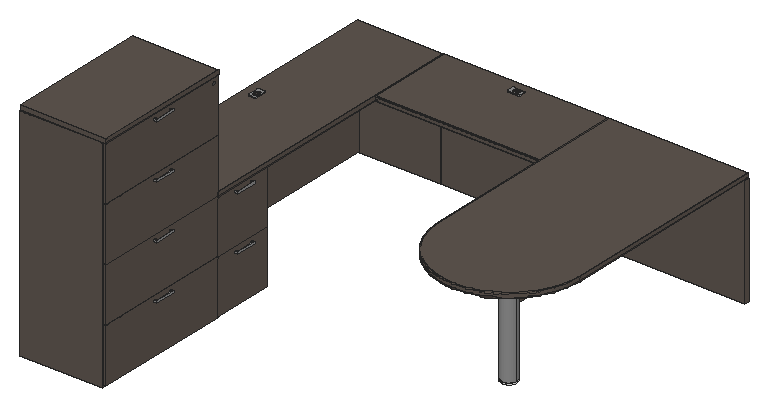
Revit family "T100054", category Casework, Revit 2018
Family settings
  OmniClass Number = 23.40.35.00
  OmniClass Title = Casework
  Work Plane-Based = No
  Always vertical = Yes
  Cut with Voids When Loaded = No
  Shared = No
  Room Calculation Point = No
Parameters
  Depth = 2' - 0"
  Height = 3' - 0"
  Width = 4' - 0"
Reference planes (in)
  plane 1: z = 0
  plane 2 "Center (Left/Right)": x = 0.7377
  plane 3 "Left": x = -23.2623
  plane 4 "Right": x = 24.7377
  plane 5 "Front": y = -24
  plane 6 "Top": z = 36
Dimensions and locks (in)
  plane 3 "Left" to plane 2 "Center (Left/Right)" to plane 4 "Right" = 2' - 0", 2' - 0"
  "Height": level to plane 6 "Top"
  aligned and locked: plane 1 to level
Nested families (in)
  nested 1: "FIRST OFFICE-PULSE_BRIDGES_W-HINGED_MODESTY" at (32.63177, 51.03178, 0), type "PULSE_BRIDGE_STRAIGHT_4-2242BR"
    with TOP D SIZE yes, THICKNESS 0' - 1.188", CENTER GROMMET yes
  nested 2: "FIRST OFFICE-PULSE_CREDENZA_SINGLE_PED_LEFT" at (-3.36642, 29.03204, 0) x (0, 1, 0) z (0, 0, 1), type "PULSE_CREDENZA_SINGLE_PED_LEFT_4-7222FCRL"
    with TOP D SIZE yes, THICKNESS 0' - 1.188", CENTER GROMMET yes
  nested 3: "FIRST OFFICE-PULSE_TOPS_BULLET_BT" at (66.30841, 29, 0) x (0, 1, 0) z (0, 0, 1), type "PULSE_TOP_BULLET_4-7236BT"
  nested 4: "FIRST OFFICE-PULSE_MODESTY_PANELS_VENEER_TMP" at (71.9877, 38.54249, 0) x (0, -1, 0) z (0, 0, 1), type "PULSE-MODESTY-PANEL-VENEER_4-1252TMP"
  nested 5: "FIRST OFFICE-PULSE_STORAGE_LATERAL_FILES_FREE_STND" at (9.75858, -24.94507, 0) x (0, 1, 0) z (0, 0, 1), type "PULSE_STORAGE_LATERAL_FILE_4-DRWR_4-3656LF4"
  nested 6: "FIRST OFFICE-PULSE_SUPPORT_BASES_CB4-L2S" at (71.6127, 8, 0), type "IMPULSE-G2_SUPPORT_BASE_MTL_CYLN_5-CB4"
  nested 7: "FIRST OFFICE-PULSE_SUPPORT_END_PANELS" at (68.6127, 64.22371, 0) x (0, -1, 0) z (0, 0, 1), type "PULSE_SUPPORT_END_PANEL_4-2936TEP"
Definition of nested family "FIRST OFFICE-PULSE_BRIDGES_W-HINGED_MODESTY"
  Parameters (values of type "PULSE_BRIDGE_STRAIGHT_4-2248BR")
    TOP D SIZE [instance] = yes
    THICKNESS [instance] = if(TOP D SIZE, 0' 1.188", 0' 1.563")  # 0' - 1.188"
    URL = "http://www.firstoffice.com/products/casegoods/pulse"
    CENTER GROMMET [instance] = yes
    ENVIRONMENTAL = "http://www.firstoffice.com/information/environment"
    BRIDGE WIDTH = 4' - 0"
    TOP CORE = none
    Manufacturer = "FIRST OFFICE-PULSE"
    MODEL NUMBER = "4-2248BR"
    MANUFACTURERS' CODE = "FOF"
    EDGE SHAPE = none
    Description = "PULSE STRAIGHT BRIDGE 22X48"
    BACK PANEL = none
    CATALOG CODE = "FOF"
  Types (3): name | BRIDGE WIDTH | MODEL NUMBER | Description
    (no name) | 4' - 0" | "4-2248BR" | "PULSE STRAIGHT BRIDGE 22X48"
    PULSE_BRIDGE_STRAIGHT_4-2242BR | 3' - 6" | "4-2242BR" | "PULSE STRAIGHT BRIDGE 22X42"
    PULSE_BRIDGE_STRAIGHT_4-2248BR | 4' - 0" | "4-2248BR" | "PULSE STRAIGHT BRIDGE 22X48"
  Reference planes (in)
    plane 1 "Center Front/Back": y = 3
    plane 2: z = 0
    plane 3 "Center Left/Right": x = 0
    plane 4 "BRIDGE TOP": z = 30
    plane 5 "UNDERSURF": z = 28.812
    plane 6 "BACK PNL BOTTOM": z = 0.5
    plane 7 "BACK PNL TOP": z = 28.687
    plane 8: x = -24
    plane 9: x = 24
    plane 10 "FRONT": y = -8
    plane 11 "BACK": y = 14
    plane 12: y = -7.875
    plane 13: y = 13
    plane 14: z = 30.07
  Forms (in)
    Extrusion 1, solid, material <- "BACK PANEL"
      sketch origin (0, 12, 0) x (-1, 0, 0) y (0, 0, 1)
        loop
          line (-24, 28.687) -> (-24, 0.5) -> (24, 0.5) -> (24, 28.687) -> (-24, 28.687)
      from 1 to 2
    Extrusion 2, solid, material <- "TOP CORE"
      sketch origin (0, 0, 30) x (0, 1, 0) y (-1, 0, 0)
        loop
          line (14, 24) -> (-7.875, 24) -> (-7.875, -24) -> (14, -24) -> (14, 24)
      from -1.188 to 0
    Extrusion 3, solid, material <- "EDGE SHAPE"
      sketch origin (0, 6.25, 0) x (0, 1, 0) y (0, 0, 1)
        loop
          line (-14.125, 28.812) -> (-14.125, 30)
          arc (-14.125, 30) -> (-14.21339, 29.96339) -> (-14.25, 29.875) r 0.125
          line (-14.25, 29.875) -> (-14.25, 28.937)
          arc (-14.25, 28.937) -> (-14.21339, 28.84861) -> (-14.125, 28.812) r 0.125
      from -24 to 24
    Extrusion 4, solid
      sketch origin (0, 0, 28.687) x (0, 1, 0) y (-1, 0, 0)
        loop
          line (13, 24) -> (13, -24) -> (13.875, -24) -> (13.875, 24) -> (13, 24)
      from 0 to 0.125
    Extrusion 5, void
      sketch origin (0, 0, 28.812) x (0, 1, 0) y (-1, 0, 0)
        loop
          line (11.5, 0.7815) -> (10.5, 0.7815) -> (10.5, -0.7815) -> (11.5, -0.7815) -> (11.5, 0.7815)
      from 0 to 1.188
    Extrusion 6, solid, visible <- "CENTER GROMMET"
      sketch origin (0, 0, 29.972) x (0, 1, 0) y (-1, 0, 0)
        loop
          arc (12, 1.25) -> (11.87186, 1.55936) -> (11.5625, 1.6875) r 0.4375
          line (11.5625, 1.6875) -> (10.4375, 1.6875)
          arc (10.4375, 1.6875) -> (10.12814, 1.55936) -> (10, 1.25) r 0.4375
          line (10, 1.25) -> (10, 0) -> (10.62004, 0) -> (10.62004, 0.4375)
          arc (10.62004, 0.4375) -> (10.69471, 0.61779) -> (10.875, 0.69246) r 0.25496
          line (10.875, 0.69246) -> (11.125, 0.69246)
          arc (11.125, 0.69246) -> (11.30529, 0.61779) -> (11.37996, 0.4375) r 0.25496
          line (11.37996, 0.4375) -> (11.37996, 0) -> (12, 0) -> (12, 1.25)
      from 0.028 to 0.098
    Sweep 7, void
      path origin (0, 0, 30) x (0, 1, 0) y (-1, 0, 0)
        loop
          line (11.37996, 0) -> (11.37996, 0.4375)
          arc (11.37996, 0.4375) -> (11.30529, 0.61779) -> (11.125, 0.69246) r 0.25496
          line (11.125, 0.69246) -> (10.875, 0.69246)
          arc (10.875, 0.69246) -> (10.69471, 0.61779) -> (10.62004, 0.4375) r 0.25496
          line (10.62004, 0.4375) -> (10.62004, 0)
      profile origin (-0.69246, 11, 30) x (1, 0, 0) y (0, 0, 1)
        loop
          arc (-0.07, 0.07) -> (-0.0205, 0.0495) -> (0, 0) r 0.07
          line (0, 0) -> (0, 0.07) -> (-0.07, 0.07)
    Extrusion 8, solid, visible <- "CENTER GROMMET"
      sketch origin (0, 0, 29.942) x (0, 1, 0) y (-1, 0, 0)
        loop
          line (12, -1.25) -> (12, 0) -> (11.37996, 0) -> (11.37996, -0.4375)
          arc (11.37996, -0.4375) -> (11.30529, -0.61779) -> (11.125, -0.69246) r 0.25496
          line (11.125, -0.69246) -> (10.875, -0.69246)
          arc (10.875, -0.69246) -> (10.69471, -0.61779) -> (10.62004, -0.4375) r 0.25496
          line (10.62004, -0.4375) -> (10.62004, 0) -> (10, 0) -> (10, -1.25)
          arc (10, -1.25) -> (10.12814, -1.55936) -> (10.4375, -1.6875) r 0.4375
          line (10.4375, -1.6875) -> (11.5625, -1.6875)
          arc (11.5625, -1.6875) -> (11.87186, -1.55936) -> (12, -1.25) r 0.4375
      from 0.058 to 0.128
    Sweep 9, void
      path origin (0, 0, 30) x (0, 1, 0) y (1, 0, 0)
        loop
          line (11.37996, 0) -> (11.37996, 0.4375)
          arc (11.37996, 0.4375) -> (11.30529, 0.61779) -> (11.125, 0.69246) r 0.25496
          line (11.125, 0.69246) -> (10.875, 0.69246)
          arc (10.875, 0.69246) -> (10.69471, 0.61779) -> (10.62004, 0.4375) r 0.25496
          line (10.62004, 0.4375) -> (10.62004, 0)
      profile origin (0.69246, 11, 30) x (1, 0, 0) y (0, 0, 1)
        loop
          line (0.07, 0.07) -> (0, 0.07) -> (0, 0)
          arc (0, 0) -> (0.0205, 0.0495) -> (0.07, 0.07) r 0.07
  Cuts and joins
    Extrusion 5 cuts Extrusion 2
    Sweep 7, Sweep 9 cuts Extrusion 6
    Sweep 9 cuts Extrusion 8
  Lines and regions (in)
    Masking region 1
      outline origin (0, 0, 0) x (1, 0, 0) y (0, 1, 0)
        loop
          line (-24, 14) -> (-24, -8) -> (24, -8) -> (24, 14) -> (-24, 14)
    Masking region 2, visible <- "CENTER GROMMET"
      outline origin (0, 0, 30) x (0, 1, 0) y (-1, 0, 0)
        loop
          arc (12, 1.25) -> (11.87186, 1.55936) -> (11.5625, 1.6875) r 0.4375
          line (11.5625, 1.6875) -> (10.4375, 1.6875)
          arc (10.4375, 1.6875) -> (10.12814, 1.55936) -> (10, 1.25) r 0.4375
          line (10, 1.25) -> (10, 0) -> (10.62004, 0) -> (10.62004, 0.4375)
          arc (10.62004, 0.4375) -> (10.69471, 0.61779) -> (10.875, 0.69246) r 0.25496
          line (10.875, 0.69246) -> (11.125, 0.69246)
          arc (11.125, 0.69246) -> (11.30529, 0.61779) -> (11.37996, 0.4375) r 0.25496
          line (11.37996, 0.4375) -> (11.37996, 0) -> (12, 0) -> (12, 1.25)
    Masking region 3, visible <- "CENTER GROMMET"
      outline origin (0, 0, 30) x (1, 0, 0) y (0, 1, 0)
        loop
          line (1.25, 12) -> (0, 12) -> (0, 11.37996) -> (0.4375, 11.37996)
          arc (0.4375, 11.37996) -> (0.61779, 11.30529) -> (0.69246, 11.125) r 0.25496
          line (0.69246, 11.125) -> (0.69246, 10.875)
          arc (0.69246, 10.875) -> (0.61779, 10.69471) -> (0.4375, 10.62004) r 0.25496
          line (0.4375, 10.62004) -> (0, 10.62004) -> (0, 10) -> (1.25, 10)
          arc (1.25, 10) -> (1.55936, 10.12814) -> (1.6875, 10.4375) r 0.4375
          line (1.6875, 10.4375) -> (1.6875, 11.5625)
          arc (1.6875, 11.5625) -> (1.55936, 11.87186) -> (1.25, 12) r 0.4375
    Masking region 4, not visible
      outline origin (0, 0, 0) x (1, 0, 0) y (0, 1, 0)
        loop
          line (-24, 14) -> (-24, -8)
          arc (-24, -8) -> (0, -3.00481) -> (24, -8) r 60.15305
          line (24, -8) -> (24, 14) -> (-24, 14)
  Dimensions and locks (in)
    equal spacing: plane 10 "FRONT", plane 1 "Center Front/Back", plane 11 "BACK", locked at 11 each
    locked: plane 10 "FRONT" to plane 12 at 0.125
    locked: plane 11 "BACK" to plane 13 at 1
    locked: Extrusion 1 to Extrusion 4 sketch curve at 0.875
    "BRIDGE WIDTH": plane 8 to plane 9
    equal spacing: plane 8, plane 3 "Center Left/Right", plane 9
    "THICKNESS": plane 4 "BRIDGE TOP" to plane 5 "UNDERSURF"
    plane 5 "UNDERSURF" to plane 7 "BACK PNL TOP" to plane 6 "BACK PNL BOTTOM" to plane 2 = 0' - 0 1/8" locked, 2' - 4.187" locked, 0' - 0 1/2" locked
    locked: plane 14 to plane 4 "BRIDGE TOP" at 0.07
    aligned and locked: Extrusion 2 to plane 5 "UNDERSURF"
    aligned and locked: plane 4 "BRIDGE TOP" to Extrusion 2
    aligned and locked: plane 12 to Extrusion 2 sketch curve
    aligned and locked: Extrusion 2 sketch curve to plane 9
    aligned and locked: Extrusion 2 sketch curve to plane 8
    aligned and locked: plane 12 to Extrusion 3 sketch curve
    aligned and locked: Extrusion 3 sketch curve to plane 10 "FRONT"
    aligned and locked: Extrusion 3 to plane 8
    aligned and locked: Extrusion 3 to plane 9
    aligned and locked: plane 7 "BACK PNL TOP" to Extrusion 1 sketch curve
    aligned and locked: Extrusion 1 sketch curve to plane 8
    aligned and locked: Extrusion 1 sketch curve to plane 9
    aligned and locked: plane 11 "BACK" to Extrusion 1
    aligned and locked: Extrusion 1 to plane 13
    aligned and locked: Extrusion 4 sketch curve to plane 8
    aligned and locked: Extrusion 4 sketch curve to plane 9
    aligned and locked: Extrusion 4 sketch curve to plane 13
    aligned and locked: Extrusion 6 to Sweep 7
    aligned and locked: Extrusion 8 to Sweep 7
    aligned and locked: cut or joined group of Extrusion 6, Sweep 7, Sweep 9 to plane 4 "BRIDGE TOP"
    aligned and locked: Extrusion 8 to plane 4 "BRIDGE TOP"
    aligned and locked: plane 14 to cut or joined group of Extrusion 6, Sweep 7, Sweep 9
  Automatic sketch dimensions
    Extrusion 1 sketch curve to plane 6 "BACK PNL BOTTOM" = 0' - 0"
    Extrusion 2 sketch curve to plane 11 "BACK" = 0' - 0"
    Extrusion 3 sketch curve to plane 5 "UNDERSURF" = 0' - 0"
    Extrusion 3 sketch curve to plane 4 "BRIDGE TOP" = 0' - 0"
    Extrusion 5 sketch curve to plane 3 "Center Left/Right" = 0' - 0.7815"
    Extrusion 5 sketch curve to plane 13 = 0' - 2 1/2"
    Extrusion 5 sketch curve to Extrusion 5 sketch curve = 0' - 1"
    plane 3 "Center Left/Right" to Extrusion 5 sketch curve = 0' - 0.7815"
    Extrusion 6 sketch curve to plane 3 "Center Left/Right" = 0' - 1 1/4"
    Extrusion 6 sketch curve to plane 13 = 0' - 3"
    Extrusion 6 sketch curve to Extrusion 6 sketch curve = 0' - 0 7/16"  (x2)
    Extrusion 6 sketch curve to Extrusion 6 sketch curve = 0' - 0.62004"  (x2)
    Extrusion 6 sketch curve to Extrusion 6 sketch curve = 0' - 0.25496"  (x2)
    Extrusion 6 sketch curve to Extrusion 6 sketch curve = 0' - 0 1/4"
    Extrusion 6 sketch curve to plane 3 "Center Left/Right" = 0' - 0"  (x2)
    Extrusion 6 sketch curve to plane 3 "Center Left/Right" = 0' - 0 7/16"
    Sweep 7 sketch curve to plane 3 "Center Left/Right" = 0' - 0 7/16"
    Sweep 7 sketch curve to plane 13 = 0' - 2.37996"
    Sweep 7 sketch curve to Sweep 7 sketch curve = 0' - 0.25496"  (x2)
    Sweep 7 sketch curve to Sweep 7 sketch curve = 0' - 0 1/4"
    Sweep 7 sketch curve to plane 3 "Center Left/Right" = 0' - 0"  (x2)
    profile plane to Sweep 7 sketch curve = 0' - 0"
    profile plane to Sweep 7 sketch curve = 0' - 0.07"
    plane 4 "BRIDGE TOP" to Sweep 7 sketch curve = 0' - 0"
    plane 3 "Center Left/Right" to Extrusion 8 sketch curve = 0' - 1 1/4"
    Extrusion 8 sketch curve to plane 13 = 0' - 3"
    Extrusion 8 sketch curve to Extrusion 8 sketch curve = 0' - 0 7/16"  (x2)
    Extrusion 8 sketch curve to Extrusion 8 sketch curve = 0' - 0.62004"  (x2)
    Extrusion 8 sketch curve to Extrusion 8 sketch curve = 0' - 0.25496"  (x2)
    Extrusion 8 sketch curve to Extrusion 8 sketch curve = 0' - 0 1/4"
    plane 3 "Center Left/Right" to Extrusion 8 sketch curve = 0' - 0"  (x2)
    plane 3 "Center Left/Right" to Extrusion 8 sketch curve = 0' - 0.69246"
    Sweep 9 sketch curve to plane 3 "Center Left/Right" = 0' - 0 7/16"
    plane 13 to Sweep 9 sketch curve = 0' - 2.37996"
    Sweep 9 sketch curve to Sweep 9 sketch curve = 0' - 0.25496"  (x2)
    Sweep 9 sketch curve to Sweep 9 sketch curve = 0' - 0 1/4"
    Sweep 9 sketch curve to plane 3 "Center Left/Right" = 0' - 0"  (x2)
    profile plane to Sweep 9 sketch curve = 0' - 0"
    plane 4 "BRIDGE TOP" to Sweep 9 sketch curve = 0' - 0"
    Sweep 9 sketch curve to Sweep 9 sketch curve = 0' - 0.07"
    Masking region 2 sketch curve to plane 13 = 0' - 3"
    Masking region 2 sketch curve to Masking region 2 sketch curve = 0' - 0 7/16"  (x2)
    Masking region 2 sketch curve to plane 3 "Center Left/Right" = 0' - 0"  (x2)
    Masking region 2 sketch curve to Masking region 2 sketch curve = 0' - 0.62004"  (x2)
    Masking region 2 sketch curve to Masking region 2 sketch curve = 0' - 0.25496"  (x2)
    Masking region 2 sketch curve to Masking region 2 sketch curve = 0' - 0 1/4"
    Masking region 2 sketch curve to plane 3 "Center Left/Right" = 0' - 0 7/16"
    Masking region 2 sketch curve to Masking region 2 sketch curve = 0' - 0 13/16"
    plane 3 "Center Left/Right" to Masking region 3 sketch curve = 0' - 0"  (x2)
    plane 3 "Center Left/Right" to Masking region 3 sketch curve = 0' - 0 7/16"
    Masking region 3 sketch curve to Masking region 3 sketch curve = 0' - 0"
    Masking region 3 sketch curve to Masking region 3 sketch curve = 0' - 0.25496"
    Masking region 3 sketch curve to Masking region 3 sketch curve = 0' - 0 13/16"
    Masking region 3 sketch curve to Masking region 3 sketch curve = 0' - 0.55754"
    Masking region 3 sketch curve to Masking region 3 sketch curve = 0' - 0 7/16"  (x2)
    Masking region 3 sketch curve to plane 13 = 0' - 3"
    Masking region 3 sketch curve to Masking region 3 sketch curve = 0' - 0.62004"
    Masking region 3 sketch curve to Masking region 3 sketch curve = 0' - 0 1/4"
    Masking region 1 sketch curve to plane 8 = 0' - 0"
    Masking region 1 sketch curve to plane 9 = 0' - 0"
    plane 10 "FRONT" to Masking region 1 sketch curve = 0' - 0"
    Masking region 1 sketch curve to plane 11 "BACK" = 0' - 0"
    Masking region 4 sketch curve to plane 8 = 0' - 0"
    Masking region 4 sketch curve to plane 3 "Center Left/Right" = 0' - 0"
    Masking region 4 sketch curve to plane 9 = 0' - 0"
    plane 10 "FRONT" to Masking region 4 sketch curve = 0' - 0"
    Masking region 4 sketch curve to plane 11 "BACK" = 0' - 0"
    plane 10 "FRONT" to Masking region 4 sketch curve = 4' - 7.15786"
Definition of nested family "FIRST OFFICE-PULSE_CREDENZA_SINGLE_PED_LEFT"
  Parameters (values of type "PULSE_CREDENZA_SINGLE_PED_LEFT_4-7222FCRL")
    URL = "http://www.firstoffice.com/products/casegoods/pulse"
    TOP D SIZE [instance] = yes
    THICKNESS [instance] = if(TOP D SIZE, 0' 1.188", 0' 1.563")  # 0' - 1.188"
    PEDESTAL HEIGHT = 2' - 4.187"
    DRAWER FRONT = none
    ENVIRONMENTAL = "http://www.firstoffice.com/information/environment"
    TOP CORE = none
    Manufacturer = "FIRST OFFICE-PULSE"
    MODEL NUMBER = "4-7222FCRL"
    MANUFACTURERS' CODE = "FOF"
    EDGE SHAPE = none
    Description = "PULSE SINGLE PED CREDENZA LEFT FULL 72X22"
    CREDENZA WIDTH = 6' - 0"
    CHASSIS = none
    CENTER GROMMET [instance] = yes
    CATALOG CODE = "FOF"
  Types (6): name | PEDESTAL HEIGHT | MODEL NUMBER | Description | CREDENZA WIDTH
    (no name) | 2' - 4.187" | "4-7222FCRL" | "PULSE SINGLE PED CREDENZA LEFT FULL 72X22" | 6' - 0"
    PULSE_CREDENZA_SINGLE_PED_LEFT_4-6022FCRL | 2' - 4.187" | "4-6022FCRL" | "PULSE SINGLE PED CREDENZA LEFT FULL 60X22" | 5' - 0"
    PULSE_CREDENZA_SINGLE_PED_LEFT_4-6622FCRL | 2' - 4.187" | "4-6622FCRL" | "PULSE SINGLE PED CREDENZA LEFT FULL 66X22" | 5' - 6"
    PULSE_CREDENZA_SINGLE_PED_LEFT_4-7222FCRL | 2' - 4.187" | "4-7222FCRL" | "PULSE SINGLE PED CREDENZA LEFT FULL 72X22" | 6' - 0"
    PULSE_CREDENZA_SINGLE_PED_LEFT_4-6622CRL | 1' - 9 1/4" | "4-6622CRL" | "PULSE SINGLE 3/4 PED CREDENZA LEFT 66X22" | 5' - 6"
    PULSE_CREDENZA_SINGLE_PED_LEFT_4-7222CRL | 1' - 9 1/4" | "4-7222CRL" | "PULSE SINGLE 3/4 PED CREDENZA LEFT 72X22" | 6' - 0"
  Reference planes (in)
    plane 1 "Center Front/Back": y = -4
    plane 2: z = 0
    plane 3 "Center Left/Right": x = 0
    plane 4 "LEFT": x = -36
    plane 5 "RIGHT": x = 36
    plane 6 "DESK TOP": z = 30
    plane 7 "BASE HEIGHT": z = 28.812
    plane 8 "FRONT": y = -15
    plane 9 "PEDESTAL BOTTOM": z = 0.5
    plane 10 "PEDESTAL TOP": z = 28.687
    plane 11: z = 1.063
    plane 12 "PEDESTAL FRONT": y = -14
    plane 13 "DRAWER FRONT": y = -14.75
    plane 14: z = 14.813
    plane 15: z = 14.938
    plane 16: x = -35.937
    plane 17: x = -20.187
    plane 18: x = -20.124
    plane 19: x = -34.937
    plane 20: x = -20.874
    plane 21: x = 35
    plane 22: z = 1.25
    plane 23 "MODESTY PANEL": y = 7
    plane 24: y = 5.95
    plane 25: y = 6.7
    plane 26: z = 14.063
    plane 27: z = 13.59425
    plane 28: z = 30.07
  Forms (in)
    Extrusion 1, solid, material <- "DRAWER FRONT"
      sketch origin (0, -14.75, 0) x (1, 0, 0) y (0, 0, 1)
        loop
          line (-35.937, 14.813) -> (-35.937, 1.063) -> (-20.187, 1.063) -> (-20.187, 14.813) -> (-35.937, 14.813)
      from -0.75 to 0
    Extrusion 2, solid
      sketch origin (0, -14.75, 0) x (1, 0, 0) y (0, 0, 1)
        loop
          line (-35.937, 28.687) -> (-35.937, 14.938) -> (-20.187, 14.938) -> (-20.187, 28.687) -> (-35.937, 28.687)
      from -0.75 to 0
    Extrusion 3, solid, material <- "CHASSIS"
      sketch origin (-36, 0, 0) x (0, 1, 0) y (0, 0, 1)
        loop
          line (-14, 28.687) -> (-14, 0.499) -> (7, 0.499) -> (7, 28.687) -> (-14, 28.687)
      from 0 to 1.063
    Extrusion 4, solid, material <- "CHASSIS"
      sketch origin (36, 0, 0) x (0, 1, 0) y (0, 0, -1)
        loop
          line (-15, -28.687) -> (7, -28.687) -> (7, -0.499) -> (-15, -0.499) -> (-15, -28.687)
      from 0 to 1
    Extrusion 5, solid, material <- "CHASSIS"
      sketch origin (-15, 0, 0) x (0, 1, 0) y (0, 0, -1)
        loop
          line (-14, -28.812) -> (5.95, -28.812) -> (5.95, -0.5) -> (-14, -0.5) -> (-14, -28.812)
      from 5.124 to 5.874
    Extrusion 6, solid, material <- "CHASSIS"
      sketch origin (0, 7, 0) x (-1, 0, 0) y (0, 0, 1)
        loop
          line (-35, 28.812) -> (-35, 0.499) -> (34.937, 0.499) -> (34.937, 28.812) -> (-35, 28.812)
      from -1.05 to -0.3
    Extrusion 7, solid, material <- "CHASSIS"
      sketch origin (0, 0, 0.5) x (0, 1, 0) y (-1, 0, 0)
        loop
          line (5.95, 20.874) -> (5.95, 34.937) -> (-14, 34.937) -> (-14, 20.874) -> (5.95, 20.874)
      from 0 to 0.75
    Extrusion 8, solid, material <- "TOP CORE"
      sketch origin (0, 0, 30) x (0, 1, 0) y (-1, 0, 0)
        loop
          line (7, 36) -> (-14.875, 36) -> (-14.875, -36) -> (7, -36) -> (7, 36)
      from -1.188 to 0
    Extrusion 9, solid, material <- "EDGE SHAPE"
      sketch origin (0, 0, 0) x (0, 1, 0) y (0, 0, 1)
        loop
          line (-14.875, 28.812) -> (-14.875, 30)
          arc (-14.875, 30) -> (-14.96339, 29.96339) -> (-15, 29.875) r 0.125
          line (-15, 29.875) -> (-15, 28.937)
          arc (-15, 28.937) -> (-14.96339, 28.84861) -> (-14.875, 28.812) r 0.125
      from -36 to 36
    Extrusion 10, solid
      sketch origin (-19.03911, -15.37535, 22.938) x (1, 0, 0) y (0, 1, 0)
        loop
          line (-11.74164, 0.62535) -> (-11.74164, -0.37465) -> (-6.30414, -0.37465) -> (-6.30414, 0.62535) -> (-6.67914, 0.62535) -> (-6.67914, -0.18715) -> (-11.36664, -0.18715) -> (-11.36664, 0.62535) -> (-11.74164, 0.62535)
      from 4.53125 to 5
    Extrusion 11, solid
      sketch origin (-19.03911, -15.37535, 16) x (1, 0, 0) y (0, 1, 0)
        loop
          line (-11.74164, 0.62535) -> (-11.74164, -0.37465) -> (-6.30414, -0.37465) -> (-6.30414, 0.62535) -> (-6.67914, 0.62535) -> (-6.67914, -0.18715) -> (-11.36664, -0.18715) -> (-11.36664, 0.62535) -> (-11.74164, 0.62535)
      from -2.40575 to -1.937
    Extrusion 12, solid
      sketch origin (0, 0, 28.687) x (0, 1, 0) y (-1, 0, 0)
        loop
          line (6.875, 34.937) -> (6.875, 35.875) -> (-14, 35.875) -> (-14, 34.937) -> (6.875, 34.937)
      from 0 to 0.125
    Extrusion 13, solid
      sketch origin (0, 0, 28.687) x (0, 1, 0) y (-1, 0, 0)
        loop
          line (6.875, -35) -> (-14.875, -35) -> (-14.875, -35.875) -> (6.875, -35.875) -> (6.875, -35)
      from 0 to 0.125
    Extrusion 14, solid, visible <- "CENTER GROMMET"
      sketch origin (0, -7, 29.972) x (0, 1, 0) y (-1, 0, 0)
        loop
          arc (12, 1.25) -> (11.87186, 1.55936) -> (11.5625, 1.6875) r 0.4375
          line (11.5625, 1.6875) -> (10.4375, 1.6875)
          arc (10.4375, 1.6875) -> (10.12814, 1.55936) -> (10, 1.25) r 0.4375
          line (10, 1.25) -> (10, 0) -> (10.62004, 0) -> (10.62004, 0.4375)
          arc (10.62004, 0.4375) -> (10.69471, 0.61779) -> (10.875, 0.69246) r 0.25496
          line (10.875, 0.69246) -> (11.125, 0.69246)
          arc (11.125, 0.69246) -> (11.30529, 0.61779) -> (11.37996, 0.4375) r 0.25496
          line (11.37996, 0.4375) -> (11.37996, 0) -> (12, 0) -> (12, 1.25)
      from 0.028 to 0.098
    Sweep 15, void
      path origin (0, -7, 30) x (0, 1, 0) y (-1, 0, 0)
        loop
          line (11.37996, 0) -> (11.37996, 0.4375)
          arc (11.37996, 0.4375) -> (11.30529, 0.61779) -> (11.125, 0.69246) r 0.25496
          line (11.125, 0.69246) -> (10.875, 0.69246)
          arc (10.875, 0.69246) -> (10.69471, 0.61779) -> (10.62004, 0.4375) r 0.25496
          line (10.62004, 0.4375) -> (10.62004, 0)
      profile origin (-0.69246, 4, 30) x (1, 0, 0) y (0, 0, 1)
        loop
          arc (-0.07, 0.07) -> (-0.0205, 0.0495) -> (0, 0) r 0.07
          line (0, 0) -> (0, 0.07) -> (-0.07, 0.07)
    Extrusion 16, solid, visible <- "CENTER GROMMET"
      sketch origin (0, -7, 29.942) x (0, 1, 0) y (-1, 0, 0)
        loop
          line (12, -1.25) -> (12, 0) -> (11.37996, 0) -> (11.37996, -0.4375)
          arc (11.37996, -0.4375) -> (11.30529, -0.61779) -> (11.125, -0.69246) r 0.25496
          line (11.125, -0.69246) -> (10.875, -0.69246)
          arc (10.875, -0.69246) -> (10.69471, -0.61779) -> (10.62004, -0.4375) r 0.25496
          line (10.62004, -0.4375) -> (10.62004, 0) -> (10, 0) -> (10, -1.25)
          arc (10, -1.25) -> (10.12814, -1.55936) -> (10.4375, -1.6875) r 0.4375
          line (10.4375, -1.6875) -> (11.5625, -1.6875)
          arc (11.5625, -1.6875) -> (11.87186, -1.55936) -> (12, -1.25) r 0.4375
      from 0.058 to 0.128
    Sweep 17, void
      path origin (0, -7, 30) x (0, 1, 0) y (1, 0, 0)
        loop
          line (11.37996, 0) -> (11.37996, 0.4375)
          arc (11.37996, 0.4375) -> (11.30529, 0.61779) -> (11.125, 0.69246) r 0.25496
          line (11.125, 0.69246) -> (10.875, 0.69246)
          arc (10.875, 0.69246) -> (10.69471, 0.61779) -> (10.62004, 0.4375) r 0.25496
          line (10.62004, 0.4375) -> (10.62004, 0)
      profile origin (0.69247, 4, 30) x (1, 0, 0) y (0, 0, 1)
        loop
          line (0.07, 0.07) -> (0, 0.07) -> (0, 0)
          arc (0, 0) -> (0.0205, 0.0495) -> (0.07, 0.07) r 0.07
    Extrusion 18, void
      sketch origin (0, 0, 30) x (0, 1, 0) y (-1, 0, 0)
        loop
          line (3.5, 0.75) -> (3.5, -0.75) -> (4.5, -0.75) -> (4.5, 0.75) -> (3.5, 0.75)
      from -1.188 to 0
  Cuts and joins
    Sweep 15, Extrusion 18 cuts Extrusion 14
    Sweep 15, Sweep 17, Extrusion 18 cuts Extrusion 16
    Extrusion 18 cuts Extrusion 8
  Lines and regions (in)
    Masking region 1
      outline origin (0, 0, 0) x (1, 0, 0) y (0, 1, 0)
        loop
          line (-36, 7) -> (-36, -15) -> (36, -15) -> (36, 7) -> (-36, 7)
    Masking region 2
      outline origin (0, 0, 0) x (1, 0, 0) y (0, 1, 0)
        loop
          line (-30.78075, -15) -> (-30.78075, -15.75) -> (-25.34325, -15.75) -> (-25.34325, -15) -> (-25.71825, -15) -> (-25.71825, -15.5625) -> (-30.40575, -15.5625) -> (-30.40575, -15) -> (-30.78075, -15)
    Masking region 3, visible <- "CENTER GROMMET"
      outline origin (0, -7, 30) x (0, 1, 0) y (-1, 0, 0)
        loop
          arc (12, 1.25) -> (11.87186, 1.55936) -> (11.5625, 1.6875) r 0.4375
          line (11.5625, 1.6875) -> (10.4375, 1.6875)
          arc (10.4375, 1.6875) -> (10.12814, 1.55936) -> (10, 1.25) r 0.4375
          line (10, 1.25) -> (10, 0) -> (10.62004, 0) -> (10.62004, 0.4375)
          arc (10.62004, 0.4375) -> (10.69471, 0.61779) -> (10.875, 0.69246) r 0.25496
          line (10.875, 0.69246) -> (11.125, 0.69246)
          arc (11.125, 0.69246) -> (11.30529, 0.61779) -> (11.37996, 0.4375) r 0.25496
          line (11.37996, 0.4375) -> (11.37996, 0) -> (12, 0) -> (12, 1.25)
    Masking region 4, visible <- "CENTER GROMMET"
      outline origin (0, -7, 30) x (1, 0, 0) y (0, 1, 0)
        loop
          line (1.25, 12) -> (0, 12) -> (0, 11.37996) -> (0.4375, 11.37996)
          arc (0.4375, 11.37996) -> (0.61779, 11.30529) -> (0.69246, 11.125) r 0.25496
          line (0.69246, 11.125) -> (0.69246, 10.875)
          arc (0.69246, 10.875) -> (0.61779, 10.69471) -> (0.4375, 10.62004) r 0.25496
          line (0.4375, 10.62004) -> (0, 10.62004) -> (0, 10) -> (1.25, 10)
          arc (1.25, 10) -> (1.55936, 10.12814) -> (1.6875, 10.4375) r 0.4375
          line (1.6875, 10.4375) -> (1.6875, 11.5625)
          arc (1.6875, 11.5625) -> (1.55936, 11.87186) -> (1.25, 12) r 0.4375
  Dimensions and locks (in)
    equal spacing: plane 4 "LEFT", plane 3 "Center Left/Right", plane 5 "RIGHT"
    "CREDENZA WIDTH": plane 4 "LEFT" to plane 5 "RIGHT"
    plane 15 to plane 14 to plane 11 = 0' - 0 1/8" locked, 1' - 1 3/4" locked
    plane 22 to plane 11 to plane 9 "PEDESTAL BOTTOM" = 0' - 0.187" locked, 0' - 0.563" locked
    locked: Extrusion 4 to Extrusion 3 sketch curve at 28.188
    locked: Extrusion 6 sketch curve to Extrusion 8 at 28.313
    "PEDESTAL HEIGHT": plane 10 "PEDESTAL TOP" to plane 9 "PEDESTAL BOTTOM"
    plane 23 "MODESTY PANEL" to plane 25 to plane 24 = 0' - 0.3" locked, 0' - 0 3/4" locked
    locked: plane 8 "FRONT" to plane 23 "MODESTY PANEL" at 22
    equal spacing: plane 23 "MODESTY PANEL", plane 1 "Center Front/Back", plane 8 "FRONT"
    plane 4 "LEFT" to plane 16 to plane 19 to plane 20 to plane 17 to plane 18 = 0' - 0.063" locked, 0' - 1" locked, 1' - 2.063" locked, 0' - 0.687" locked, 0' - 0.063" locked
    locked: plane 21 to plane 5 "RIGHT" at 1
    plane 14 to plane 26 to plane 27 = 0' - 0 3/4" locked, 0' - 0 15/32" locked
    plane 7 "BASE HEIGHT" to plane 10 "PEDESTAL TOP" to plane 2 = 0' - 0 1/8" locked, 2' - 4.687" locked
    locked: plane 28 to plane 6 "DESK TOP" at 0.07
    "THICKNESS": plane 6 "DESK TOP" to plane 7 "BASE HEIGHT"
    aligned and locked: plane 16 to Extrusion 1 sketch curve
    aligned and locked: Extrusion 1 sketch curve to plane 14
    aligned and locked: plane 11 to Extrusion 1 sketch curve
    aligned and locked: Extrusion 1 sketch curve to plane 17
    aligned and locked: plane 17 to Extrusion 2 sketch curve
    aligned and locked: plane 10 "PEDESTAL TOP" to Extrusion 2 sketch curve
    aligned: Extrusion 2 to plane 12 "PEDESTAL FRONT"
    aligned: plane 13 "DRAWER FRONT" to Extrusion 2
    aligned and locked: Extrusion 1 to plane 12 "PEDESTAL FRONT"
    aligned and locked: plane 13 "DRAWER FRONT" to Extrusion 1
    aligned and locked: plane 10 "PEDESTAL TOP" to Extrusion 3 sketch curve
    aligned and locked: plane 12 "PEDESTAL FRONT" to Extrusion 3 sketch curve
    aligned: Extrusion 3 to plane 4 "LEFT"
    aligned: plane 19 to Extrusion 3
    aligned and locked: plane 5 "RIGHT" to Extrusion 4
    aligned and locked: plane 21 to Extrusion 4
    aligned and locked: Extrusion 5 to plane 20
    aligned and locked: plane 18 to Extrusion 5
    aligned: Extrusion 4 to plane 9 "PEDESTAL BOTTOM"
    aligned and locked: Extrusion 5 to plane 9 "PEDESTAL BOTTOM"
    aligned and locked: plane 7 "BASE HEIGHT" to Extrusion 5
    aligned and locked: plane 7 "BASE HEIGHT" to Extrusion 6 sketch curve
    aligned and locked: Extrusion 6 sketch curve to plane 21
    aligned and locked: Extrusion 6 sketch curve to plane 19
    aligned: Extrusion 6 to plane 24
    aligned: plane 23 "MODESTY PANEL" to Extrusion 6
    aligned and locked: plane 24 to Extrusion 5
    aligned and locked: Extrusion 7 sketch curve to plane 19
    aligned and locked: plane 24 to Extrusion 7 sketch curve
    aligned and locked: plane 20 to Extrusion 7 sketch curve
    aligned and locked: plane 12 "PEDESTAL FRONT" to Extrusion 7 sketch curve
    aligned and locked: Extrusion 7 to plane 9 "PEDESTAL BOTTOM"
    aligned and locked: plane 22 to Extrusion 7
    aligned and locked: Extrusion 8 to plane 7 "BASE HEIGHT"
    aligned and locked: plane 6 "DESK TOP" to Extrusion 8
    aligned and locked: Extrusion 9 sketch curve to plane 8 "FRONT"
    aligned and locked: Extrusion 9 to plane 4 "LEFT"
    aligned and locked: plane 5 "RIGHT" to Extrusion 9
    aligned and locked: Extrusion 12 to plane 10 "PEDESTAL TOP"
    aligned and locked: plane 7 "BASE HEIGHT" to Extrusion 12
    aligned and locked: level to plane 2
    aligned and locked: Extrusion 6 to Extrusion 4
    aligned and locked: Extrusion 2 sketch curve to plane 15
    aligned and locked: Masking region 1 sketch curve to plane 23 "MODESTY PANEL"
    aligned and locked: plane 23 "MODESTY PANEL" to Extrusion 3
    aligned and locked: Extrusion 8 sketch curve to Masking region 1
    aligned and locked: plane 23 "MODESTY PANEL" to Extrusion 4
    aligned and locked: plane 25 to Extrusion 6
    aligned and locked: Extrusion 6 to plane 24
    aligned and locked: Extrusion 14 to Sweep 15
    aligned and locked: Extrusion 16 to Sweep 15
    aligned and locked: plane 6 "DESK TOP" to cut or joined group of Extrusion 8, Extrusion 18
    aligned and locked: cut or joined group of Extrusion 8, Extrusion 18 to plane 7 "BASE HEIGHT"
    aligned and locked: plane 8 "FRONT" to Extrusion 4
    aligned and locked: cut or joined group of Extrusion 8, Extrusion 18 to Extrusion 13
    aligned and locked: plane 26 to Extrusion 11
    aligned and locked: plane 27 to Extrusion 11
    aligned and locked: plane 28 to cut or joined group of Extrusion 14, Sweep 15, Extrusion 18
    aligned and locked: Sweep 15 sketch curve to plane 28
    aligned and locked: plane 6 "DESK TOP" to Sweep 15 sketch curve
    aligned and locked: plane 28 to Sweep 17 sketch curve
    aligned and locked: plane 6 "DESK TOP" to Sweep 17 sketch curve
    aligned and locked: cut or joined group of Extrusion 14, Sweep 15, Extrusion 18 to plane 6 "DESK TOP"
    aligned and locked: cut or joined group of Sweep 15, Extrusion 16, Sweep 17, Extrusion 18 to plane 6 "DESK TOP"
  Automatic sketch dimensions
    Extrusion 2 sketch curve to plane 16 = 0' - 0"
    plane 8 "FRONT" to Masking region 2 sketch curve = 0' - 0"  (x2)
    plane 19 to Masking region 2 sketch curve = 0' - 4 5/32"
    Masking region 2 sketch curve to Masking region 2 sketch curve = 0' - 0 3/8"  (x2)
    plane 8 "FRONT" to Masking region 2 sketch curve = 0' - 0 9/16"
    Masking region 2 sketch curve to Masking region 2 sketch curve = 0' - 4 11/16"
    Masking region 2 sketch curve to Masking region 2 sketch curve = 0' - 0 3/16"
    Extrusion 3 sketch curve to plane 23 "MODESTY PANEL" = 0' - 0"
    Extrusion 4 sketch curve to plane 10 "PEDESTAL TOP" = 0' - 0"
    plane 12 "PEDESTAL FRONT" to Extrusion 4 sketch curve = 0' - 1"
    Extrusion 4 sketch curve to plane 23 "MODESTY PANEL" = 0' - 0"
    level to Extrusion 4 sketch curve = 0' - 0.499"
    Extrusion 5 sketch curve to plane 7 "BASE HEIGHT" = 0' - 0"
    Extrusion 5 sketch curve to plane 12 "PEDESTAL FRONT" = 0' - 0"
    Extrusion 5 sketch curve to plane 9 "PEDESTAL BOTTOM" = 0' - 0"
    Extrusion 5 sketch curve to plane 24 = 0' - 0"
    Extrusion 8 sketch curve to plane 4 "LEFT" = 0' - 0"
    Extrusion 8 sketch curve to plane 5 "RIGHT" = 0' - 0"
    Extrusion 8 sketch curve to plane 8 "FRONT" = 0' - 0 1/8"
    Extrusion 9 sketch curve to plane 6 "DESK TOP" = 0' - 0"
    Extrusion 9 sketch curve to plane 7 "BASE HEIGHT" = 0' - 0"
    Extrusion 9 sketch curve to plane 8 "FRONT" = 0' - 0 1/8"
    plane 13 "DRAWER FRONT" to Extrusion 10 sketch curve = 0' - 0"  (x2)
    plane 19 to Extrusion 10 sketch curve = 0' - 4 5/32"
    Extrusion 10 sketch curve to Extrusion 10 sketch curve = 0' - 0 3/8"  (x2)
    plane 8 "FRONT" to Extrusion 10 sketch curve = 0' - 0 9/16"
    Extrusion 10 sketch curve to Extrusion 10 sketch curve = 0' - 4 11/16"
    Extrusion 10 sketch curve to Extrusion 10 sketch curve = 0' - 0 3/16"
    plane 13 "DRAWER FRONT" to Extrusion 11 sketch curve = 0' - 0"  (x2)
    plane 19 to Extrusion 11 sketch curve = 0' - 4 5/32"
    Extrusion 11 sketch curve to Extrusion 11 sketch curve = 0' - 0 3/8"  (x2)
    plane 8 "FRONT" to Extrusion 11 sketch curve = 0' - 0 9/16"
    Extrusion 11 sketch curve to Extrusion 11 sketch curve = 0' - 4 11/16"
    Extrusion 11 sketch curve to Extrusion 11 sketch curve = 0' - 0 3/16"
    Masking region 1 sketch curve to plane 4 "LEFT" = 0' - 0"
    Masking region 1 sketch curve to plane 5 "RIGHT" = 0' - 0"
    plane 8 "FRONT" to Masking region 1 sketch curve = 0' - 0"
    plane 12 "PEDESTAL FRONT" to Extrusion 12 sketch curve = 0' - 0"
    Extrusion 12 sketch curve to plane 19 = 0' - 0"
    plane 16 to Extrusion 12 sketch curve = 0' - 0.062"
    Extrusion 12 sketch curve to plane 23 "MODESTY PANEL" = 0' - 0 1/8"
    Extrusion 13 sketch curve to plane 12 "PEDESTAL FRONT" = 0' - 0 7/8"
    Extrusion 13 sketch curve to plane 21 = 0' - 0"
    plane 23 "MODESTY PANEL" to Extrusion 13 sketch curve = 0' - 0 1/8"
    Extrusion 14 sketch curve to plane 3 "Center Left/Right" = 0' - 1 1/4"
    Extrusion 14 sketch curve to plane 1 "Center Front/Back" = 0' - 7"
    Extrusion 14 sketch curve to Extrusion 14 sketch curve = 0' - 0 7/16"  (x3)
    Extrusion 14 sketch curve to Extrusion 14 sketch curve = 0' - 0.62004"  (x2)
    Extrusion 14 sketch curve to Extrusion 14 sketch curve = 0' - 0.25496"  (x2)
    Extrusion 14 sketch curve to Extrusion 14 sketch curve = 0' - 0 1/4"
    Extrusion 14 sketch curve to plane 3 "Center Left/Right" = 0' - 0"  (x2)
    Sweep 15 sketch curve to plane 3 "Center Left/Right" = 0' - 0 7/16"
    Sweep 15 sketch curve to plane 1 "Center Front/Back" = 0' - 7.62004"
    Sweep 15 sketch curve to Sweep 15 sketch curve = 0' - 0.25496"  (x2)
    Sweep 15 sketch curve to Sweep 15 sketch curve = 0' - 0 1/4"
    Sweep 15 sketch curve to plane 3 "Center Left/Right" = 0' - 0"  (x2)
    profile plane to Sweep 15 sketch curve = 0' - 0"
    plane 3 "Center Left/Right" to Extrusion 16 sketch curve = 0' - 1 1/4"
    Extrusion 16 sketch curve to plane 1 "Center Front/Back" = 0' - 7"
    Extrusion 16 sketch curve to Extrusion 16 sketch curve = 0' - 0 7/16"  (x2)
    plane 3 "Center Left/Right" to Extrusion 16 sketch curve = 0' - 0 7/16"
    Extrusion 16 sketch curve to Extrusion 16 sketch curve = 0' - 0.62004"  (x2)
    Extrusion 16 sketch curve to Extrusion 16 sketch curve = 0' - 0.25496"  (x2)
    Extrusion 16 sketch curve to Extrusion 16 sketch curve = 0' - 0 1/4"
    plane 3 "Center Left/Right" to Extrusion 16 sketch curve = 0' - 0"  (x2)
    Sweep 17 sketch curve to plane 3 "Center Left/Right" = 0' - 0 7/16"
    plane 1 "Center Front/Back" to Sweep 17 sketch curve = 0' - 7.62004"
    Sweep 17 sketch curve to Sweep 17 sketch curve = 0' - 0.25496"  (x2)
    Sweep 17 sketch curve to Sweep 17 sketch curve = 0' - 0 1/4"
    Sweep 17 sketch curve to plane 3 "Center Left/Right" = 0' - 0"  (x2)
    profile plane to Sweep 17 sketch curve = 0' - 0"
    Masking region 3 sketch curve to plane 1 "Center Front/Back" = 0' - 7"
    Masking region 3 sketch curve to Masking region 3 sketch curve = 0' - 0 7/16"  (x3)
    Masking region 3 sketch curve to plane 3 "Center Left/Right" = 0' - 0"  (x2)
    Masking region 3 sketch curve to Masking region 3 sketch curve = 0' - 0.62004"  (x2)
    Masking region 3 sketch curve to Masking region 3 sketch curve = 0' - 0.25496"  (x2)
    Masking region 3 sketch curve to Masking region 3 sketch curve = 0' - 0 1/4"
    Masking region 3 sketch curve to Masking region 3 sketch curve = 0' - 0 13/16"
    plane 3 "Center Left/Right" to Masking region 4 sketch curve = 0' - 0"  (x2)
    plane 3 "Center Left/Right" to Masking region 4 sketch curve = 0' - 0 7/16"
    Masking region 4 sketch curve to Masking region 4 sketch curve = 0' - 0"
    Masking region 4 sketch curve to Masking region 4 sketch curve = 0' - 0.25496"
    Masking region 4 sketch curve to Masking region 4 sketch curve = 0' - 0 13/16"
    Masking region 4 sketch curve to Masking region 4 sketch curve = 0' - 0.55754"
    Masking region 4 sketch curve to Masking region 4 sketch curve = 0' - 0 7/16"  (x2)
    Masking region 4 sketch curve to plane 1 "Center Front/Back" = 0' - 7"
    Masking region 4 sketch curve to Masking region 4 sketch curve = 0' - 0.62004"
    Masking region 4 sketch curve to Masking region 4 sketch curve = 0' - 0 1/4"
    Extrusion 18 sketch curve to plane 24 = 0' - 2.45"
    Extrusion 18 sketch curve to Extrusion 18 sketch curve = 0' - 1"
    Extrusion 18 sketch curve to plane 3 "Center Left/Right" = 0' - 0 3/4"
    plane 3 "Center Left/Right" to Extrusion 18 sketch curve = 0' - 0 3/4"
    plane 5 "RIGHT" to Extrusion 13 sketch curve = 0' - 0 1/8"
Definition of nested family "FIRST OFFICE-PULSE_TOPS_BULLET_BT"
  Parameters (values of type "PULSE_TOP_BULLET_4-6630BT")
    URL = "http://www.firstoffice.com/products/casegoods/pulse"
    TOP DEPTH = 2' - 6"
    TOP D SIZE = yes
    THICKNESS = if(TOP D SIZE, 0' 1.188", 0' 1.563")  # 0' - 1.188"
    RADIUS = TOP DEPTH / 2 - 0' 0 1/8"  # 1' - 2 7/8"
    ENVIRONMENTAL = "http://www.firstoffice.com/information/environment"
    TOP WIDTH = 5' - 6"
    TOP CORE = none
    Manufacturer = "FIRST OFFICE-PULSE"
    MODEL NUMBER = "4-6630BT"
    MANUFACTURERS' CODE = "FOF"
    EDGE SHAPE = none
    Description = "PULSE BULLET TOP 66X30"
    CATALOG CODE = "FOF"
  Types (4): name | TOP DEPTH | RADIUS | TOP WIDTH | MODEL NUMBER | Description
    (no name) | 2' - 6" | 1' - 2 7/8" | 5' - 6" | "4-6630BT" | "PULSE BULLET TOP 66X30"
    PULSE_TOP_BULLET_4-6630BT | 2' - 6" | 1' - 2 7/8" | 5' - 6" | "4-6630BT" | "PULSE BULLET TOP 66X30"
    PULSE_TOP_BULLET_4-7236BT | 3' - 0" | 1' - 5 7/8" | 6' - 0" | "4-7236BT" | "PULSE BULLET TOP 72X36"
    PULSE_TOP_BULLET_4-8436BT | 3' - 0" | 1' - 5 7/8" | 7' - 0" | "4-8436BT" | "PULSE BULLET TOP 84X36"
  Reference planes (in)
    plane 1 "Center Front/Back": y = -2.30429
    plane 2: z = 0
    plane 3 "Center Left/Right": x = 0
    plane 4 "LEFT": x = -33
    plane 5 "RIGHT": x = 33
    plane 6 "TOP TOP": z = 30
    plane 7 "TOP BOTTOM": z = 28.812
    plane 8: y = 12.69571
    plane 9: y = -17.30429
    plane 10: y = -17.17929
    plane 11: y = 12.57071
    plane 12: x = -32.875
    plane 13: x = -18
  Forms (in)
    Extrusion 1, solid, material <- "TOP CORE"
      sketch origin (0, 0, 30) x (0, 1, 0) y (-1, 0, 0)
        loop
          line (-17.17929, 18) -> (-17.17929, -33) -> (12.57071, -33) -> (12.57071, 18)
          arc (12.57071, 18) -> (-2.30429, 32.875) -> (-17.17929, 18) r 14.875
      from -1.188 to 0
    Sweep 2, solid, material <- "EDGE SHAPE"
      path origin (0, 0, 28.812) x (0, 1, 0) y (-1, 0, 0)
        loop
          line (12.57071, -33) -> (12.57071, 18)
          arc (12.57071, 18) -> (-2.30429, 32.875) -> (-17.17929, 18) r 14.875
          line (-17.17929, 18) -> (-17.17929, -33)
      profile origin (7.5, 12.57071, 28.812) x (0, -1, 0) y (0, 0, 1)
        loop
          line (0, 0) -> (0, 1.188)
          arc (0, 1.188) -> (-0.08839, 1.15139) -> (-0.125, 1.063) r 0.125
          line (-0.125, 1.063) -> (-0.125, 0.125)
          arc (-0.125, 0.125) -> (-0.08839, 0.03661) -> (0, 0) r 0.125
  Lines and regions (in)
    Masking region 1
      outline origin (0, 0, 0) x (1, 0, 0) y (0, 1, 0)
        loop
          line (-18, -17.30429) -> (33, -17.30429) -> (33, 12.69571) -> (-18, 12.69571)
          arc (-18, 12.69571) -> (-33, -2.30429) -> (-18, -17.30429) r 15
  Dimensions and locks (in)
    equal spacing: plane 4 "LEFT", plane 3 "Center Left/Right", plane 5 "RIGHT"
    "TOP WIDTH": plane 4 "LEFT" to plane 5 "RIGHT"
    "TOP DEPTH": plane 9 to plane 8
    equal spacing: plane 9, plane 1 "Center Front/Back", plane 8
    "THICKNESS": plane 6 "TOP TOP" to plane 7 "TOP BOTTOM"
    locked: plane 9 to plane 10 at 0.125
    plane 7 "TOP BOTTOM" to plane 2 = 2' - 4.812"
    locked: plane 11 to plane 8 at 0.125
    locked: plane 4 "LEFT" to plane 12 at 0.125
    "RADIUS": plane 12 to plane 13
    "RADIUS": radius of Sweep 2 sketch curve
    "RADIUS": radius of Extrusion 1 sketch curve
    aligned: Extrusion 1 to plane 7 "TOP BOTTOM"
    aligned: plane 6 "TOP TOP" to Extrusion 1
    aligned and locked: plane 10 to Extrusion 1 sketch curve
    aligned and locked: Extrusion 1 to plane 7 "TOP BOTTOM"
    aligned and locked: plane 6 "TOP TOP" to Sweep 2 sketch curve
    aligned and locked: plane 7 "TOP BOTTOM" to Sweep 2 sketch curve
    aligned and locked: Sweep 2 sketch curve to plane 8
    aligned and locked: Sweep 2 sketch curve to plane 11
    aligned and locked: plane 13 to Sweep 2 sketch curve  (x2)
    aligned and locked: plane 13 to Extrusion 1 sketch curve  (x2)
    aligned and locked: plane 13 to Masking region 1 sketch curve  (x2)
  Automatic sketch dimensions
    Extrusion 1 sketch curve to plane 5 "RIGHT" = 0' - 0"
    Sweep 2 sketch curve to plane 5 "RIGHT" = 0' - 0"  (x2)
    plane 10 to Sweep 2 sketch curve = 0' - 0"
    plane 8 to Masking region 1 sketch curve = 0' - 0"
    Masking region 1 sketch curve to plane 5 "RIGHT" = 0' - 0"
    plane 9 to Masking region 1 sketch curve = 0' - 0"
Definition of nested family "FIRST OFFICE-PULSE_MODESTY_PANELS_VENEER_TMP"
  Parameters (values of type "PULSE-MODESTY-PANEL-VENEER_4-1245TMP")
    URL = "http://www.firstoffice.com/products/casegoods/pulse"
    Manufacturer = "FIRST OFFICE-PULSE"
    MODESTY VENEER = none
    MODEL NUMBER = "4-1245TMP"
    MANUFACTURERS' CODE = "FOF"
    ENVIRONMENT = "http://www.firstoffice.com/information/environment"
    Description = "PULSE VENEER MODESTY PANEL 45"
    CATALOG CODE = "FOF"
    MODESTY WIDTH = 4' - 0"
  Types (4): name | MODEL NUMBER | Description | MODESTY WIDTH
    (no name) | "4-1245TMP" | "PULSE VENEER MODESTY PANEL 45" | 4' - 0"
    PULSE-MODESTY-PANEL-VENEER_4-1245TMP | "4-1245TMP" | "PULSE VENEER MODESTY PANEL 45" | 4' - 0"
    PULSE-MODESTY-PANEL-VENEER_4-1252TMP | "4-1252TMP" | "PULSE VENEER MODESTY PANEL 52" | 4' - 3"
    PULSE-MODESTY-PANEL-VENEER_4-1266TMP | "4-1266TMP" | "PULSE VENEER MODESTY PANEL 66" | 5' - 3"
  Reference planes (in)
    plane 1 "BACK": y = 0
    plane 2: z = 0
    plane 3 "Center Left/Right": x = 0
    plane 4 "LEFT": x = -24
    plane 5 "RIGHT": x = 24
    plane 6 "FRONT": y = -0.75
    plane 7: z = 28.687
    plane 8: y = -0.25
  Forms (in)
    Extrusion 1, solid, material <- "MODESTY VENEER"
      sketch origin (0, 0, -0.126) x (1, 0, 0) y (0, 0, 1)
        loop
          line (-24, 28.813) -> (-24, 16.813) -> (24, 16.813) -> (24, 28.813) -> (-24, 28.813)
      from 0 to 0.75
  Lines and regions (in)
    Masking region 1
      outline origin (0, 0, 0) x (1, 0, 0) y (0, 1, 0)
        loop
          line (-24, 0) -> (-24, -0.75) -> (24, -0.75) -> (24, 0) -> (-24, 0)
    Masking region 2
      outline origin (0, 0, 0) x (1, 0, 0) y (0, 1, 0)
        loop
          line (-24, 0) -> (-24, -0.75) -> (24, -0.75) -> (24, 0) -> (-24, 0)
  Dimensions and locks (in)
    "MODESTY WIDTH": plane 4 "LEFT" to plane 5 "RIGHT"
    locked: plane 7 to plane 2 at 28.687
    equal spacing: plane 4 "LEFT", plane 3 "Center Left/Right", plane 5 "RIGHT"
    aligned and locked: Masking region 1 sketch curve to plane 4 "LEFT"
    aligned and locked: plane 5 "RIGHT" to Masking region 1 sketch curve
    aligned and locked: Extrusion 1 sketch curve to plane 4 "LEFT"
    aligned and locked: plane 5 "RIGHT" to Extrusion 1 sketch curve
    aligned and locked: plane 7 to Extrusion 1 sketch curve
  Automatic sketch dimensions
    plane 6 "FRONT" to Masking region 1 sketch curve = 0' - 0"
    plane 1 "BACK" to Masking region 1 sketch curve = 0' - 0"
    Masking region 2 sketch curve to plane 4 "LEFT" = 0' - 0"
    plane 1 "BACK" to Masking region 2 sketch curve = 0' - 0"
    Masking region 2 sketch curve to plane 5 "RIGHT" = 0' - 0"
    plane 6 "FRONT" to Masking region 2 sketch curve = 0' - 0"
    Extrusion 1 sketch curve to Extrusion 1 sketch curve = 1' - 0"
Definition of nested family "FIRST OFFICE-PULSE_STORAGE_LATERAL_FILES_FREE_STND"
  Parameters (values of type "PULSE_STORAGE_LATERAL_FILE_4-DRWR_4-3656LF4")
    URL = "http://www.firstoffice.com/products/casegoods/pulse"
    Model = "4-3656LF4"
    Manufacturer = "FIRST OFFICE-PULSE"
    MANUFACTURERS' CODE = "FOF"
    LF TOP EDGE = none
    LF SURFACE = none
    LF DRAWER = none
    LF CHASSIS = none
    LATERAL FILE WIDTH = 3' - 0"
    LATERAL FILE HEIGHT = 4' - 9.437"
    ENVIRONMENTAL = "http://www.firstoffice.com/information/environment"
    Description = "PULSE 4 DRAWER LATERAL FILE 36 X 56"
    DRAWER 4 = LATERAL FILE HEIGHT > 4' 0"  # yes
    CATALOG CODE = "FOF"
    Assembly Code = ""
  Types (4): name | Model | LATERAL FILE WIDTH | LATERAL FILE HEIGHT | Description | DRAWER 4
    PULSE_STORAGE_LATERAL_FILE_2-DRWR_4-3022LF2 | "4-3022LF2" | 2' - 6" | 2' - 5.687" | "PULSE 2 DRAWER LATERAL FILE 30 X 22 " | no
    PULSE_STORAGE_LATERAL_FILE_2-DRWR_4-3622LF2 | "4-3622LF2" | 3' - 0" | 2' - 5.687" | "PULSE 2 DRAWER LATERAL FILE 36 X 22 " | no
    PULSE_STORAGE_LATERAL_FILE_4-DRWR_4-3056LF4 | "4-3056LF4" | 2' - 6" | 4' - 9.437" | "PULSE 4 DRAWER LATERAL FILE 30 X 56" | yes
    PULSE_STORAGE_LATERAL_FILE_4-DRWR_4-3656LF4 | "4-3656LF4" | 3' - 0" | 4' - 9.437" | "PULSE 4 DRAWER LATERAL FILE 36 X 56" | yes
  Reference planes (in)
    plane 1: z = 0
    plane 2 "Center Left/Right": x = -0.02289
    plane 3 "Left": x = -18.02289
    plane 4 "Right": x = 17.97711
    plane 5 "TOP FRONT": y = -1.87465
    plane 6: x = -17.96039
    plane 7: z = 1.0625
    plane 8: z = 15
    plane 9 "BACK": y = 20.12535
    plane 10: z = 0.5
    plane 11 "CENTER FRONT/BACK": y = 9.12535
    plane 12: z = 56.75
    plane 13: z = 15.125
    plane 14: z = 28.875
    plane 15: z = 42.75
    plane 16: z = 42.875
    plane 17: z = 56.625
    plane 18: z = 29
    plane 19 "SURFACE TOP": z = 57.937
    plane 20 "DRAWER FRONT": y = -1.62465
    plane 21: y = -0.87465
    plane 22: y = 19.37535
    plane 23: x = 17.91411
    plane 24: z = 1.25
    plane 25: z = 56.625
    plane 26: x = -17.02289
    plane 27: x = 16.97711
    plane 28: x = 16.58911
    plane 29: z = 55.375
  Forms (in)
    Extrusion 1, solid, material <- "LF SURFACE"
      sketch origin (0, 0, 57.937) x (0, -1, 0) y (1, 0, 0)
        loop
          line (-20.12535, -18.02289) -> (1.74965, -18.02289) -> (1.74965, 17.97711) -> (-20.12535, 17.97711) -> (-20.12535, -18.02289)
      from -1.187 to 0
    Extrusion 2, solid, material <- "LF TOP EDGE"
      sketch origin (-0.02289, 0, 0) x (0, 1, 0) y (0, 0, 1)
        loop
          arc (-1.87465, 56.875) -> (-1.83804, 56.78661) -> (-1.74965, 56.75) r 0.125
          line (-1.74965, 56.75) -> (-1.74965, 57.937)
          arc (-1.74965, 57.937) -> (-1.83804, 57.90039) -> (-1.87465, 57.812) r 0.125
          line (-1.87465, 57.812) -> (-1.87465, 56.875)
      from -18 to 18
    Extrusion 3, solid, material <- "LF CHASSIS"
      sketch origin (0, 0, 0) x (1, 0, 0) y (0, 1, 0)
        loop
          line (-17.02289, 20.12535) -> (-18.02289, 20.12535) -> (-18.02289, -0.87465) -> (-17.02289, -0.87465) -> (-17.02289, 20.12535)
      from 0.5 to 56.625
    Extrusion 4, solid, material <- "LF CHASSIS"
      sketch origin (29, 0, 0) x (1, 0, 0) y (0, 1, 0)
        loop
          line (-11.02289, 20.12535) -> (-12.02289, 20.12535) -> (-12.02289, -0.87465) -> (-11.02289, -0.87465) -> (-11.02289, 20.12535)
      from 0.5 to 56.625
    Extrusion 5, solid
      sketch origin (0, 0, 0) x (1, 0, 0) y (0, 1, 0)
        loop
          line (-17.02289, -0.74965) -> (-17.02289, 20.00035) -> (-17.89789, 20.00035) -> (-17.89789, -0.74965) -> (-17.02289, -0.74965)
      from 56.625 to 56.75
    Extrusion 6, solid
      sketch origin (28.875, 0, 0) x (1, 0, 0) y (0, 1, 0)
        loop
          line (-11.02289, -0.74965) -> (-11.02289, 20.00035) -> (-11.89789, 20.00035) -> (-11.89789, -0.74965) -> (-11.02289, -0.74965)
      from 56.625 to 56.75
    Extrusion 7, solid, material <- "LF CHASSIS"
      sketch origin (0, 0, 0) x (1, 0, 0) y (0, 1, 0)
        loop
          line (-17.02289, 20.12535) -> (-17.02289, 19.37535) -> (16.97711, 19.37535) -> (16.97711, 20.12535) -> (-17.02289, 20.12535)
      from 0.5 to 56.75
    Extrusion 8, solid, material <- "LF DRAWER"
      sketch origin (0, -1.62465, 0) x (1, 0, 0) y (0, 0, 1)
        loop
          line (-17.96039, 1.0625) -> (17.91411, 1.0625) -> (17.91411, 15) -> (-17.96039, 15) -> (-17.96039, 1.0625)
      from -0.75 to 0
    Extrusion 9, solid, material <- "LF DRAWER"
      sketch origin (0, -1.62465, 13) x (1, 0, 0) y (0, 0, 1)
        loop
          line (-17.96039, 2.125) -> (17.91411, 2.125) -> (17.91411, 15.875) -> (-17.96039, 15.875) -> (-17.96039, 2.125)
      from -0.75 to 0
    Extrusion 10, solid, material <- "LF DRAWER", visible <- "DRAWER 4"
      sketch origin (0.53222, -1.62465, 28.24071) x (1, 0, 0) y (0, 0, 1)
        loop
          line (-18.4926, 0.75929) -> (17.3819, 0.75929) -> (17.3819, 14.50929) -> (-18.4926, 14.50929) -> (-18.4926, 0.75929)
      from -0.75 to 0
    Extrusion 11, solid, material <- "LF DRAWER", visible <- "DRAWER 4"
      sketch origin (0.53222, -1.62465, 39.99071) x (1, 0, 0) y (0, 0, 1)
        loop
          line (-18.4926, 2.88429) -> (17.3819, 2.88429) -> (17.3819, 16.63429) -> (-18.4926, 16.63429) -> (-18.4926, 2.88429)
      from -0.75 to 0
    Extrusion 12, solid
      sketch origin (9.532, -9.625, 9.25) x (1, 0, 0) y (0, 1, 0)
        loop
          line (-12.27364, 8.00035) -> (-12.27364, 7.00035) -> (-6.83614, 7.00035) -> (-6.83614, 8.00035) -> (-7.21114, 8.00035) -> (-7.21114, 7.18785) -> (-11.89864, 7.18785) -> (-11.89864, 8.00035) -> (-12.27364, 8.00035)
      from 4.53125 to 5
    Extrusion 13, solid
      sketch origin (9.532, -9.625, 23.125) x (1, 0, 0) y (0, 1, 0)
        loop
          line (-12.27364, 8.00035) -> (-12.27364, 7.00035) -> (-6.83614, 7.00035) -> (-6.83614, 8.00035) -> (-7.21114, 8.00035) -> (-7.21114, 7.18785) -> (-11.89864, 7.18785) -> (-11.89864, 8.00035) -> (-12.27364, 8.00035)
      from 4.53125 to 5
    Extrusion 14, solid, visible <- "DRAWER 4"
      sketch origin (9.532, -9.625, 37) x (1, 0, 0) y (0, 1, 0)
        loop
          line (-12.27364, 8.00035) -> (-12.27364, 7.00035) -> (-6.83614, 7.00035) -> (-6.83614, 8.00035) -> (-7.21114, 8.00035) -> (-7.21114, 7.18785) -> (-11.89864, 7.18785) -> (-11.89864, 8.00035) -> (-12.27364, 8.00035)
      from 4.53125 to 5
    Extrusion 15, solid, visible <- "DRAWER 4"
      sketch origin (9.532, -9.625, 50.875) x (1, 0, 0) y (0, 1, 0)
        loop
          line (-12.27364, 8.00035) -> (-12.27364, 7.00035) -> (-6.83614, 7.00035) -> (-6.83614, 8.00035) -> (-7.21114, 8.00035) -> (-7.21114, 7.18785) -> (-11.89864, 7.18785) -> (-11.89864, 8.00035) -> (-12.27364, 8.00035)
      from 4.53125 to 5
    Extrusion 16, solid
      sketch origin (0, -1.62465, 0) x (1, 0, 0) y (0, 0, 1)
        loop
          circle (16.58911, 55.375) r 0.313
      from 0 to 0.1
  Lines and regions (in)
    Masking region 1
      outline origin (0, 0, 0) x (1, 0, 0) y (0, 1, 0)
        loop
          line (-18.02289, -0.87465) -> (17.97711, -0.87465) -> (17.97711, 20.12535) -> (-18.02289, 20.12535) -> (-18.02289, -0.87465)
    Masking region 2
      outline origin (0, 0, 0) x (1, 0, 0) y (0, 1, 0)
        loop
          line (-17.96039, -0.87465) -> (-17.96039, -1.62465) -> (17.91411, -1.62465) -> (17.91411, -0.87465) -> (-17.96039, -0.87465)
    Masking region 3
      outline origin (0, 0, 0) x (1, 0, 0) y (0, 1, 0)
        loop
          line (-2.74164, -1.62465) -> (-2.74164, -2.62465) -> (2.69586, -2.62465) -> (2.69586, -1.62465) -> (2.32086, -1.62465) -> (2.32086, -2.43715) -> (-2.36664, -2.43715) -> (-2.36664, -1.62465) -> (-2.74164, -1.62465)
  Dimensions and locks (in)
    "LATERAL FILE WIDTH": plane 3 "Left" to plane 4 "Right"
    equal spacing: plane 3 "Left", plane 2 "Center Left/Right", plane 4 "Right"
    locked: plane 5 "TOP FRONT" to plane 9 "BACK" at 22
    equal spacing: plane 5 "TOP FRONT", plane 11 "CENTER FRONT/BACK", plane 9 "BACK"
    locked: plane 22 to plane 9 "BACK" at 0.75
    plane 5 "TOP FRONT" to plane 20 "DRAWER FRONT" to plane 21 = 0' - 0 1/4" locked, 0' - 0 3/4" locked
